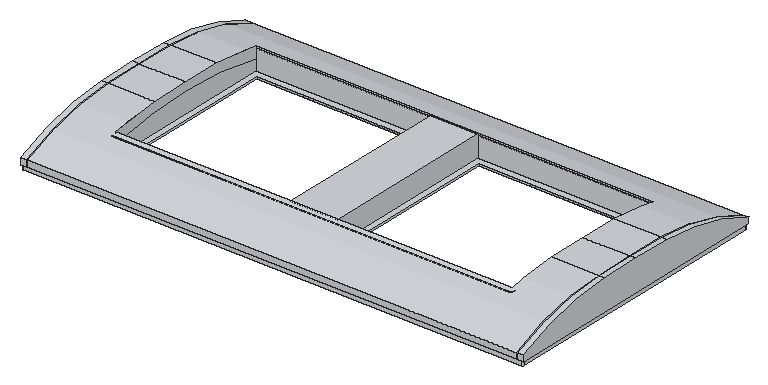
Revit family "Gira_0212726", category Electrical Fixtures, host Face, Revit 2017
Family settings
  Host = Face
  Maintain Annotation Orientation = No
  Round Connector Dimension = Use Diameter
  Part Type = Normal
  Cut with Voids When Loaded = No
  Shared = No
  Room Calculation Point = No
Parameters (values of type "Cov.fr. 2-g interm.fr. CAl Gira Event Clear white")
  URL = "http://katalog.gira.de/en/datenblatt.html?artikelnr=0212726"
  Transparent = "No"
  Name = "Cov.fr. 2-g interm.fr. CAl Gira Event Clear white"
  Manufacturer URL = "https://www.gira.de/"
  Manufacturer = "Gira"
  Label space/information surface = "No"
  Keynote = ""
  HeinzeBIM = "https://bimportal.heinze.de/bim/cov-fr-2-g-interm-fr-cal-gira-event-clear-white/be1216f9bbc425048b3f52ba54d3c2b3f2b22bce"
  HAN = "0212726"
  GTIN = "4010337068716"
  Description = "Cov.fr.2g i.fr.CAl EvCl WH,Gira Event Clear cover frame,white with colour aluminium intermediate frame,2-gang,Features:,- Shatter-proof."
  Default Elevation = 1219.2 mm
  Data sheet (1) = "https://katalog.gira.de/en/download.html?artikelnr=0212726"
  Category = "Cover frame for domestic switching devices"
  BIM (1) = "https://media.stage.bim.site/public/gira/36a6b08/Event_Rahmen_2fach.rfa"
  Available = "No"
Reference planes
  plane 1 "Center (Front/Back)": y = 0
  plane 2: z = 0
  plane 3 "Center (Left/Right)": x = 0
Forms (mm)
  Extrusion 1, solid, detail levels fine
    sketch origin (0, 0, 0.05) x (0, 1, 0) y (0, 0, 1)
      loop
        arc (12.445, 9.683) -> (6.223, 9.833) -> (0, 9.85) r 291.636
        arc (0, 9.85) -> (-6.223, 9.833) -> (-12.445, 9.683) r 291.636
        arc (-12.445, 9.683) -> (-29.14, 7.482) -> (-45, 1.823) r 79.728
        line (-45, 1.823) -> (-45, -0.05) -> (-42.086, -0.05)
        arc (-42.086, -0.05) -> (-21.385, 5.559) -> (0, 7.206) r 114.424
        arc (0, 7.206) -> (21.385, 5.559) -> (42.086, -0.05) r 114.424
        line (42.086, -0.05) -> (45, -0.05) -> (45, 1.823)
        arc (45, 1.823) -> (29.14, 7.482) -> (12.445, 9.683) r 79.728
    from -78.55 to 78.55
  Extrusion 2, void, detail levels fine
    sketch origin (0, 0, 0) x (1, 0, 0) y (0, 1, 0)
      loop
        line (-63.55, -27.937) -> (63.55, -27.937) -> (63.55, 28.063) -> (-63.55, 28.063) -> (-63.55, -27.937)
    from 0.724 to 11
  Extrusion 3, solid, detail levels coarse
    sketch origin (0, 0, 0) x (1, 0, 0) y (0, 1, 0)
      loop
        line (-80.55, 45) -> (-80.55, -45) -> (80.55, -45) -> (80.55, 45) -> (-80.55, 45)
    from -1.5 to 9.9
  Extrusion 4, solid, detail levels medium
    sketch origin (0, 0, 0.05) x (0, 1, 0) y (0, 0, 1)
      loop
        arc (12.445, 9.683) -> (6.223, 9.833) -> (0, 9.85) r 291.636
        arc (0, 9.85) -> (-6.223, 9.833) -> (-12.445, 9.683) r 291.636
        arc (-12.445, 9.683) -> (-29.14, 7.482) -> (-45, 1.823) r 79.728
        line (-45, 1.823) -> (-45, -0.05) -> (45, -0.05) -> (45, 1.823)
        arc (45, 1.823) -> (29.14, 7.482) -> (12.445, 9.683) r 79.728
    from -80.55 to 80.55
  Extrusion 5, solid, detail levels fine
    sketch origin (-35.55, 0, -1.5) x (0, 1, 0) y (0, 0, -1)
      loop
        line (45, -3.373) -> (45, -1.5) -> (-45, -1.5) -> (-45, -3.373)
        arc (-45, -3.373) -> (-29.14, -9.032) -> (-12.445, -11.233) r 79.728
        arc (-12.445, -11.233) -> (-6.223, -11.383) -> (0, -11.4) r 291.636
        arc (0, -11.4) -> (6.223, -11.383) -> (12.445, -11.233) r 291.636
        arc (12.445, -11.233) -> (29.14, -9.032) -> (45, -3.373) r 79.728
    from 43 to 45
  Extrusion 6, solid, detail levels fine
    sketch origin (0, 0, 0) x (1, 0, 0) y (0, 1, 0)
      loop
        line (-61.45, 25.7) -> (-61.45, -25.7) -> (-9.65, -25.7) -> (-9.65, 25.7) -> (-61.45, 25.7)
      loop
        line (61.45, -25.7) -> (61.45, 25.7) -> (9.65, 25.7) -> (9.65, -25.7) -> (61.45, -25.7)
      loop
        line (-64.445, 28.49) -> (-64.445, -28.495)
        spline (-64.445, -28.495) -> (-64.436, -28.625) -> (-64.411, -28.754) -> (-64.369, -28.878) -> (-64.311, -28.995) -> (-64.238, -29.104) -> (-64.152, -29.202) -> (-64.054, -29.288) -> (-63.945, -29.361) -> (-63.828, -29.419) -> (-63.704, -29.461) -> (-63.575, -29.486) -> (-63.445, -29.495)
        line (-63.445, -29.495) -> (63.445, -29.495)
        spline (63.445, -29.495) -> (63.575, -29.486) -> (63.704, -29.461) -> (63.828, -29.419) -> (63.945, -29.361) -> (64.054, -29.288) -> (64.152, -29.202) -> (64.238, -29.104) -> (64.311, -28.995) -> (64.369, -28.878) -> (64.411, -28.754) -> (64.436, -28.625) -> (64.445, -28.495)
        line (64.445, -28.495) -> (64.445, 28.49)
        spline (64.445, 28.49) -> (64.436, 28.62) -> (64.411, 28.748) -> (64.369, 28.872) -> (64.311, 28.99) -> (64.238, 29.098) -> (64.152, 29.197) -> (64.054, 29.283) -> (63.945, 29.356) -> (63.828, 29.413) -> (63.704, 29.456) -> (63.575, 29.481) -> (63.445, 29.49)
        line (63.445, 29.49) -> (-63.445, 29.49)
        spline (-63.445, 29.49) -> (-63.575, 29.481) -> (-63.704, 29.456) -> (-63.828, 29.413) -> (-63.945, 29.356) -> (-64.054, 29.283) -> (-64.152, 29.197) -> (-64.238, 29.098) -> (-64.311, 28.99) -> (-64.369, 28.872) -> (-64.411, 28.748) -> (-64.436, 28.62) -> (-64.445, 28.49)
    from 0.1 to 7.3
  Extrusion 7, solid
    sketch origin (0, 0, 0) x (1, 0, 0) y (0, 1, 0)
      loop
        arc (-80.25, -44.2) -> (-80.104, -44.554) -> (-79.75, -44.7) r 0.5
        line (-79.75, -44.7) -> (79.75, -44.7)
        arc (79.75, -44.7) -> (80.104, -44.554) -> (80.25, -44.2) r 0.5
        line (80.25, -44.2) -> (80.25, 44.2)
        arc (80.25, 44.2) -> (80.104, 44.554) -> (79.75, 44.7) r 0.5
        line (79.75, 44.7) -> (-79.75, 44.7)
        arc (-79.75, 44.7) -> (-80.104, 44.554) -> (-80.25, 44.2) r 0.5
        line (-80.25, 44.2) -> (-80.25, -44.2)
      loop
        line (-78.55, 43) -> (-78.55, -43) -> (78.55, -43) -> (78.55, 43) -> (-78.55, 43)
    from -1.5 to 0.5
  Extrusion 8, solid, detail levels fine
    sketch origin (35.55, 0, -1.5) x (0, 1, 0) y (0, 0, 1)
      loop
        arc (45, 3.373) -> (29.14, 9.032) -> (12.445, 11.233) r 79.728
        arc (12.445, 11.233) -> (6.223, 11.383) -> (0, 11.4) r 291.636
        arc (0, 11.4) -> (-6.223, 11.383) -> (-12.445, 11.233) r 291.636
        arc (-12.445, 11.233) -> (-29.14, 9.032) -> (-45, 3.373) r 79.728
        line (-45, 3.373) -> (-45, 1.5) -> (45, 1.5) -> (45, 3.373)
    from 43 to 45
  Extrusion 9, solid, detail levels medium
    sketch origin (0, 0, 0) x (1, 0, 0) y (0, 1, 0)
      loop
        line (-80.25, -44.7) -> (80.25, -44.7) -> (80.25, 44.7) -> (-80.25, 44.7) -> (-80.25, -44.7)
    from -1.5 to 0.5
  Extrusion 10, solid, detail levels fine
    sketch origin (0, 0, 0) x (1, 0, 0) y (0, 1, 0)
      loop
        line (-7.55, 28.063) -> (-7.55, -27.937) -> (7.55, -27.937) -> (7.55, 28.063) -> (-7.55, 28.063)
    from 0.724 to 7.566
Cuts and joins
  Extrusion 2 cuts Extrusion 1
  Extrusion 2 cuts Extrusion 6
Dimensions and locks
  aligned and locked: plane 2 to host face
  aligned and locked: level to host face
